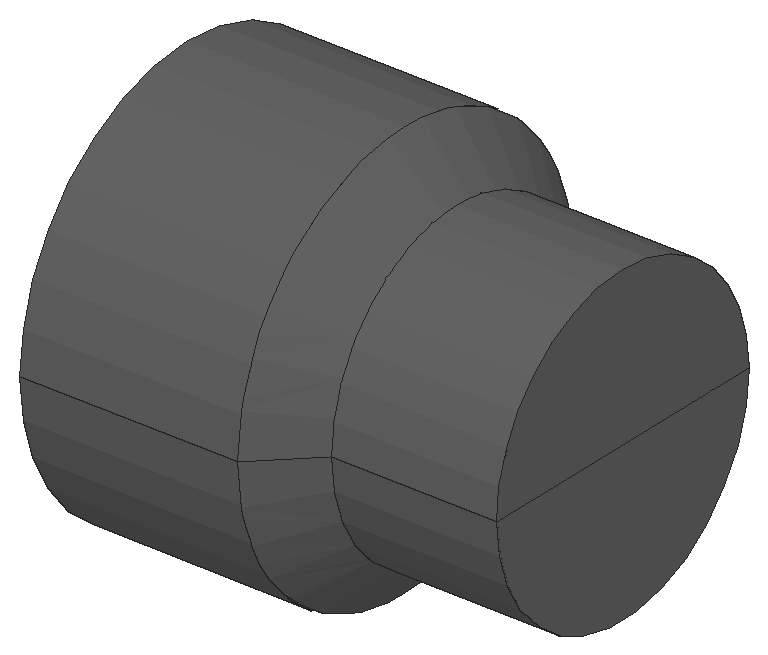
Revit family "Couplings-Flexible-Champion_Couplings-Tubular_To_Drain-MI-FLEX-DTC_Series", category Pipe Fittings, Revit 2014
Parameters (values of type "MI-FLEX-DTC-150 (1.25" x 1.25")")
  Width B = 1.690"
  Width A = 2.160"
  Waste Connection = no
  Warranty Information = "1 Year Warranty"  # constant formula
  Vent Connection = no
  URL = "http://www.mifab.com"
  Tick Size = Width A * 0.4  # 0.864"
  Standard Listings & Approval = "CSA Approved, U.P.C. Approved"  # constant formula
  Product Page URL = "http://www.mifab.com/Catalog/No_Hub_Couplings/MIFLEXDTC_FLEXIBLE_COUPLINGS_TUBULAR_TO_DRAIN_PIPE.html"
  Product Documentation Link = "http://www.mifab.com/Catalog/Library/MI-FLEX-DTC-spec_sheet.pdf"
  Price = "Prices may vary. Please consult Manufacturer Representative for most up-to-date price list."  # constant formula
  Pipe Size Description = "1 1/4\" tubular traps to 1 1/4\" drain piping 1"
  Pipe Outlet Connection Diameter = 1.250"
  Pipe Inlet Connection Diameter = 1.250"
  Pallet Quantity = "3600"
  Nominal Diameter = 1.625"
  Model = "MI-HUB-TRCC"
  Material = "Rubber-Champion Couplings-Flexible Rubber"  # constant formula
  Masking Reg 2 = yes
  Masking Reg 1 = no
  Manufacturer = "Champion Couplings"  # constant formula
  List Price (Each Piece) = 5.75
  Nominal Height = 1.125"
  Height = 2.250"
  HW Connection = no
  Description = "MIFAB® Series MI-FLEX-DTC (specify size) of flexible rubber couplings are manufactured from a flexible PVC\r\nthat meets the requirements of ASTM C-564 and Type 300 Series of stainless steel clamps tightened with 5/16” Type 300\r\nstainless steel hex head screws. The MI-FLEX-DTC Series of flexible couplings are tested and certified to ASTM Standard\r\n1173-2010 and CSA Standard B602-2010 and listed with I.A.P.M.O. All models are listed to the National Plumbing Code of\r\nCanada and relevant Canadian Standard(s) and bear the cUPC mark of conformity®. Non constant temperature rating is 140 F"  # constant formula
  Creation Date = "\"2/25/2016\""
  Carton Quantity = "100"
  CW Connection = yes
  Assembly Code = "D2090800"
Types (7): name | Width B | Width A | Tick Size | Pipe Size Description | Pipe Outlet Connection Diameter | Pipe Inlet Connection Diameter | List Price (Each Piece) | Nominal Height | Height
  (no name) | 1.690" | 2.160" | 0.864" | "1 1/4\" tubular traps to 1 1/4\" drain piping 1" | 1.250" | 1.250" | 5.75 | 1.125" | 2.250"
  MI-FLEX-DTC-150 (1.25" x 1.25") | 1.690" | 2.160" | 0.864" | "1 1/4\" tubular traps to 1 1/4\" drain piping 1" | 1.250" | 1.250" | 5.75 | 1.125" | 2.250"
  MI-FLEX-DTC-150 (1.25" x 1.5") | 1.690" | 2.160" | 0.864" | "1 1/4\" tubular traps to 1 1/2\" drain piping 1" | 1.500" | 1.250" | 5.75 | 1.125" | 2.250"
  MI-FLEX-DTC-150 (1.5" x 1.25") | 1.690" | 2.160" | 0.864" | "1 1/2\" tubular traps to 1 1/4\" drain piping 1" | 1.250" | 1.500" | 5.75 | 1.125" | 2.250"
  MI-FLEX-DTC-150 (1.5" x 1.5") | 1.690" | 2.160" | 0.864" | "1 1/2\" tubular traps to 1 1/2\" drain piping 1" | 1.500" | 1.500" | 5.75 | 1.125" | 2.250"
  MI-FLEX-DTC-215 (1.25" x 2") | 1.700" | 2.620" | 1.048" | "1 1/4\" tubular traps to 2\" drain piping (except copper.\r\nFor 2\" copper, use MI-FLEX-DTC-150)." | 1.250" | 2.000" | 9.5 | 1.155" | 2.310"
  MI-FLEX-DTC-215 (1.5" x 2") | 1.700" | 2.620" | 1.048" | "1 1/2\" tubular traps to 2\" drain piping (except copper.\r\nFor 2\" copper, use MI-FLEX-DTC-150)." | 1.500" | 2.000" | 9.5 | 1.155" | 2.310"
Reference planes (in)
  plane 1 "Center (Front/Back)": y = 0
  plane 2: z = 0
  plane 3 "Center (Left/Right)": x = 0
  plane 4: x = -1.125
  plane 5: x = 1.125
  plane 6: x = 0
  plane 7: y = 1.08
  plane 8: y = -1.08
  plane 9: y = 0.8125
  plane 10: y = -0.8125
  plane 11: y = 1.08
  plane 12: y = -1.08
  plane 13: y = -0.8125
  plane 14: y = 0.8125
Forms (in)
  Extrusion 1, solid, material "Rubber-Champion Couplings-Flexible Rubber"
    sketch origin (0, 0, 0) x (0, 1, 0) y (0, 0, 1)
      loop
        circle (0, 0) r 1.08
    from -1.125 to 0
  Revolve 2, solid, material "Rubber-Champion Couplings-Flexible Rubber"
    sketch origin (0, 0, 0) x (1, 0, 0) y (0, 1, 0)
      loop
        line (0, 1.08) -> (0, 0) -> (1.125, 0) -> (1.125, 0.8125) -> (0.2675, 0.8125) -> (0, 1.08)
      axis (0, 0) -> (1.125, 0)
    angle from 0 to 360
Cuts and joins
  joined: Extrusion 1, Revolve 2
Lines and regions (in)
  Masking region 1, visible <- "Masking Reg 2", detail levels fine
    outline origin (0, 0, 0) x (1, 0, 0) y (0, 1, 0)
      loop
        line (-1.125, 1.08) -> (-1.125, -1.08) -> (0, -1.08) -> (0.2675, -0.8125) -> (1.125, -0.8125) -> (1.125, 0.8125) -> (0.2675, 0.8125) -> (0, 1.08) -> (-1.125, 1.08)
  Masking region 2, visible <- "Masking Reg 1", detail levels fine
    outline origin (0, 0, 0) x (1, 0, 0) y (0, 1, 0)
      loop
        line (-1.125, 1.08) -> (-1.125, -1.08) -> (1.125, -1.08) -> (1.125, 1.08) -> (-1.125, 1.08)
  model lines, detail levels coarse+medium
    curve 1: line (-1.125, 0.864, 0) -> (-1.125, -0.864, 0)
    curve 2: line (1.125, 0.864, 0) -> (1.125, -0.864, 0)
    curve 3: line (1.125, 0, 0) -> (-1.125, 0, 0)
Dimensions and locks (in)
  "Height": plane 4 to plane 5
  equal spacing: plane 4, plane 3 "Center (Left/Right)", plane 5
  "Tick Size": plane 1 "Center (Front/Back)" to curve 1
  "Tick Size": curve 1 to plane 1 "Center (Front/Back)"
  "Tick Size": plane 1 "Center (Front/Back)" to curve 2
  "Tick Size": curve 2 to plane 1 "Center (Front/Back)"
  "Nominal Height": plane 4 to plane 6
  "Width A": plane 8 to plane 7
  equal spacing: plane 8, plane 1 "Center (Front/Back)", plane 7
  "Nominal Diameter": plane 9 to plane 10
  equal spacing: plane 9, plane 1 "Center (Front/Back)", plane 10
  "Width A": plane 11 to plane 12
  "Nominal Diameter": plane 13 to plane 14
  equal spacing: plane 11, plane 1 "Center (Front/Back)", plane 12
  equal spacing: plane 13, plane 1 "Center (Front/Back)", plane 14
  "Width A": Masking region 2 sketch curve to Masking region 2 sketch curve
  equal spacing: Masking region 2 sketch curve, plane 1 "Center (Front/Back)", Masking region 2 sketch curve
  "Width A": diameter of Extrusion 1 sketch curve
  locked: plane 6 to Revolve 2 sketch curve (angle 45.00°)
  locked: plane 3 "Center (Left/Right)" to Masking region 1 sketch curve (angle 45.00°)
  locked: Masking region 1 sketch curve to plane 3 "Center (Left/Right)" (angle 45.00°)
  aligned and locked: Extrusion 1 to plane 4
  aligned and locked: curve 3 to plane 1 "Center (Front/Back)"
  aligned and locked: curve 1 to plane 4
  aligned and locked: plane 5 to curve 2
  aligned and locked: plane 6 to Extrusion 1
  aligned and locked: plane 3 "Center (Left/Right)" to Revolve 2 sketch curve
  aligned and locked: plane 7 to Revolve 2 sketch curve
  aligned and locked: plane 5 to Revolve 2 sketch curve
  aligned and locked: Revolve 2 sketch curve to plane 1 "Center (Front/Back)"
  aligned and locked: Revolve 2 sketch curve to plane 9
  aligned and locked: Masking region 1 sketch curve to plane 11
  aligned and locked: Masking region 1 sketch curve to plane 12
  aligned and locked: plane 4 to Masking region 1 sketch curve
  aligned and locked: plane 14 to Masking region 1 sketch curve
  aligned and locked: Masking region 1 sketch curve to plane 13
  aligned and locked: plane 5 to Masking region 1 sketch curve
  aligned and locked: plane 4 to Masking region 2 sketch curve
  aligned and locked: plane 5 to Masking region 2 sketch curve
Automatic sketch dimensions
  Extrusion 1 sketch curve to level = 0.000"
  Extrusion 1 sketch curve to plane 1 "Center (Front/Back)" = 0.000"
  plane 1 "Center (Front/Back)" to Revolve 2 sketch curve = 0.000"
  Revolve 2 sketch curve to plane 4 = 0.250"
  Revolve 2 sketch curve to Revolve 2 sketch curve = 0.750"
  Masking region 1 sketch curve to plane 3 "Center (Left/Right)" = 0.000"  (x2)
Connectors (in)
  piping at (-1.125, 0, 0), diameter 1.25, driven by "Pipe Inlet Connection Diameter"
    settings: on Extrusion 1, index 1, connector inside diameter 24", connector length 0.000", flow factor 0, pipe flow 0 GPM, pressure drop 0.00 psi, fitting loss kfactor 0, connector angle 0.00°, fixture units 0, engagement length 0.000", angle of deflection 0.00°, flow configuration 0, flow direction 0, fitting loss method 0, system type 28, joint type 0, gender type 0, connector reference index -1, connector utility 0, adjustable connector no, is connector primary yes, connector description ""
  piping at (1.125, 0, 0), diameter 1.25, driven by "Pipe Outlet Connection Diameter"
    settings: on Revolve 2, index 2, connector inside diameter 24", connector length 0.000", flow factor 0, pipe flow 0 GPM, pressure drop 0.00 psi, fitting loss kfactor 0, connector angle 0.00°, fixture units 0, engagement length 0.000", angle of deflection 0.00°, flow configuration 0, flow direction 0, fitting loss method 0, system type 28, joint type 0, gender type 0, connector reference index -1, connector utility 0, adjustable connector no, is connector primary no, connector description ""
